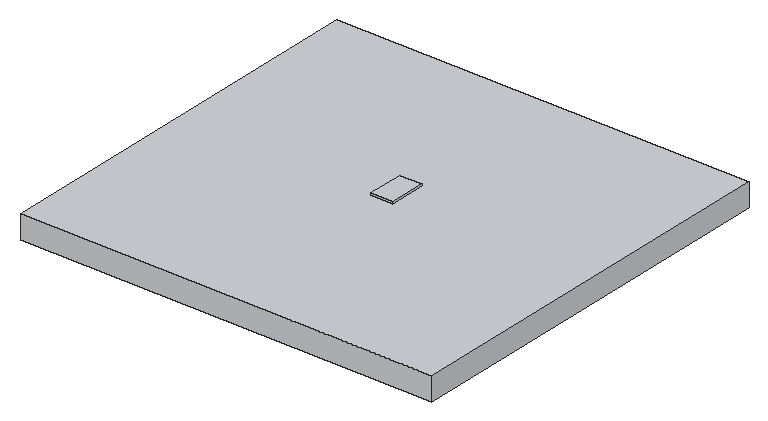
Revit family "M_Temporizador de mola", category Dispositivos de iluminação, Revit 2019
Family settings
  Hospedeiro = Face
  Manter orientação da anotação = Sim
  Cota do conector redondo = Utilizar diâmetro
  Tipo de parte = Interruptor
  Número OmniClass = 23.80.50.11.14
  Título OmniClass = Switches
  ID de item do Seek = Spring Wound Timer Switch-0000-CAN-ENU
  Corte com vazios quando carregada = Não
  Compartilhado = Não
  Ponto de cálculo do ambiente = Não
Parameters (values of type "Padrão")
  Voltagem do interruptor = 120 V
  Número de pólos do interruptor = 1
  Classificação de carga = Outros
  Legenda = "W"
  Elevação-padrão = 1200 mm
  Assembly Code = ""
  Carga aparente = 0 VA
Reference planes
  plane 1 "Centro (Frente/Trás)": y = 0
  plane 2: z = 0
  plane 3 "Centro (Esquerda/Direita)": x = 0
  plane 4: x = -34.925
  plane 5: x = 34.925
  plane 6: x = -19.05
  plane 7: x = 19.05
  plane 8: y = 57.15
  plane 9: y = -57.15
  plane 10: y = 38.1
  plane 11: y = -38.1
  plane 12 "nível acima": z = 4.762
  plane 13 "nível abaixo": z = -53.975
Forms (mm)
  Extrusion 1, solid
    sketch origin (0, 0, 0) x (1, 0, 0) y (0, 1, 0)
      loop
        line (-644.525, 571.5) -> (-644.525, -666.75) -> (644.525, -666.75) -> (644.525, 571.5) -> (-644.525, 571.5)
    from 0 to -72.672
  Extrusion 2, solid
    sketch origin (0, 0, 0) x (1, 0, 0) y (0, 1, 0)
      loop
        line (-34.925, 57.15) -> (-34.925, -57.15) -> (34.925, -57.15) -> (34.925, 57.15) -> (-34.925, 57.15)
    from 0 to 4.762
  Extrusion 3, solid
    sketch origin (0, 0, 0) x (1, 0, 0) y (0, 1, 0)
      loop
        line (-19.05, 38.1) -> (-19.05, -38.1) -> (19.05, -38.1) -> (19.05, 38.1) -> (-19.05, 38.1)
    from 0 to -53.975
Lines and regions (mm)
  symbolic lines, detail levels fine
    curve 1: line (-34.925, 0, 4.762) -> (34.925, 0, 4.762)
    curve 2: line (-34.925, 0, 0) -> (-34.925, 0, 4.762)
    curve 3: line (34.925, 0, 0) -> (-34.925, 0, 0)
    curve 4: line (34.925, 0, 4.762) -> (34.925, 0, 0)
    curve 5: line (-19.05, 0, -53.975) -> (19.05, 0, -53.975)
    curve 6: line (-19.05, 0, 0) -> (-19.05, 0, -53.975)
    curve 7: line (19.05, 0, -53.975) -> (19.05, 0, 0)
Dimensions and locks
  equal spacing: plane 6, plane 3 "Centro (Esquerda/Direita)", plane 7, locked at 19.05 each
  locked: plane 6 to plane 7 at 38.1
  equal spacing: plane 4, plane 3 "Centro (Esquerda/Direita)", plane 5, locked at 34.925 each
  locked: plane 4 to plane 5 at 69.85
  locked: plane 8 to plane 9 at 114.3
  locked: plane 12 "nível acima" to level at 4.763
  locked: level to plane 13 "nível abaixo" at 53.975
  locked: plane 10 to plane 11 at 76.2
  equal spacing: plane 10, plane 1 "Centro (Frente/Trás)", plane 11, locked at 38.1 each
  equal spacing: plane 8, plane 1 "Centro (Frente/Trás)", plane 9, locked at 57.15 each
  aligned and locked: plane 2 to Extrusion 1
  aligned and locked: level to Extrusion 1
  aligned and locked: plane 8 to Extrusion 2
  aligned and locked: Extrusion 2 to plane 9
  aligned and locked: plane 5 to Extrusion 2
  aligned and locked: Extrusion 2 to plane 4
  aligned and locked: Extrusion 2 to level
  aligned and locked: plane 12 "nível acima" to Extrusion 2
  aligned and locked: plane 10 to Extrusion 3
  aligned and locked: Extrusion 3 to plane 6
  aligned and locked: plane 7 to Extrusion 3
  aligned and locked: Extrusion 3 to plane 11
  aligned and locked: Extrusion 3 to level
  aligned and locked: Extrusion 3 to plane 13 "nível abaixo"
  aligned and locked: plane 3 "Centro (Esquerda/Direita)" to nested 1
  aligned and locked: plane 1 "Centro (Frente/Trás)" to nested 1
  aligned and locked: curve 1 to plane 12 "nível acima"
  aligned and locked: plane 2 to curve 3
  aligned and locked: curve 5 to plane 13 "nível abaixo"
Automatic sketch dimensions
  Extrusion 2 sketch curve to plane 4 = 0 mm
  Extrusion 2 sketch curve to plane 5 = 0 mm
  Extrusion 2 sketch curve to plane 9 = 0 mm
  Extrusion 2 sketch curve to plane 8 = 0 mm
  Extrusion 3 sketch curve to plane 6 = 0 mm
  Extrusion 3 sketch curve to plane 7 = 0 mm
  Extrusion 3 sketch curve to plane 11 = 0 mm
  Extrusion 3 sketch curve to plane 10 = 0 mm
  Extrusion 1 sketch curve to Extrusion 1 sketch curve = 1289.05 mm
  Extrusion 1 sketch curve to Extrusion 1 sketch curve = 1238.25 mm
  curve 2 to plane 4 = 0 mm
  curve 3 to plane 5 = 0 mm
  plane 4 to curve 7 = 53.975 mm
  curve 5 to curve 5 = 38.1 mm
Nested families
  nested 1: "M_Anotação do interruptor" at (0, 0, 0), type "Anotação de interruptor", detail levels coarse+medium
Connectors
  electrical at (0, 38.1, -26.988), driven by "Voltagem do interruptor", driven by "Carga aparente", driven by "Número de pólos do interruptor", driven by "Classificação de carga"
    settings: on Extrusion 3, index 1, voltage 120 V, apparent load 0 VA, apparent load phase1 0 VA, apparent load phase2 0 VA, apparent load phase3 0 VA, power factor 1, load classification "Outros", number of poles 1, system type 31, power factor state 1, is connector primary yes, connector utility no, sub classification motor no, connector description ""
Definition of nested family "M_Anotação do interruptor"
  Parameters
    Legenda = "SC"
  Reference planes
    plane 1: y = 0
    plane 2: x = 0
  Lines and regions (mm)
    detail lines
      curve 1: line (0, 3.175, 0) -> (0, 0, 0)
      curve 3: arc (0.383, 2.833, 0) -> (-0.62, 2.459, 0) -> (0, 1.587, 0) r 0.674
      curve 4: arc (0, 1.587, 0) -> (0.392, 0.545, 0) -> (-0.718, 0.631, 0) r 0.66
    reference lines
      curve 2: line (0, 1.587, 0) -> (-3.044, 1.588, 0)
      curve 5: line (2.564, -1.199, 0) -> (2.564, 2.384, 0)
      curve 6: line (2.564, -1.199, 0) -> (7.201, -1.199, 0)
      curve 7: line (2.564, 1.163, 0) -> (7.878, 1.163, 0)
  Text (mm)
    label "2" at (0.646, -0.127, 0), shows "Legenda"
  Dimensions and locks
    locked: curve 6 to curve 7 at 2.362
    locked: curve 1 to curve 5 at 2.564
    locked: curve 1 to curve 1 at 3.175
    locked: plane 1 to curve 2 at 1.588
    aligned and locked: curve 1 to curve 2
    aligned and locked: curve 3 to curve 2
    aligned and locked: curve 4 to curve 2
    aligned and locked: plane 1 to curve 1
    aligned and locked: curve 1 to plane 2
    aligned and locked: plane 2 to curve 1
